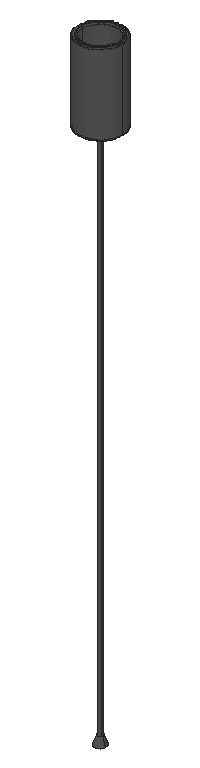
Revit family "CARLO CYLINDER LIGHT Pendant_ Surface", category Lighting Fixtures, host Face, Revit 2020 (continued)
Types (13): name | Wattage_Input | Wattage Comments | Wattage | built-in parameter 1150134 | Size 08 | Size 04 | Photometric Web File | built-in parameter 1150142 | Model | built-in parameter 1150105 | Lumens | built-in parameter 1150107 | built-in parameter 1150106 | Fixture Height | Fixture Diameter | BEAMING ANGLE | Apparent Load
    8856 7.0818 7.2584 7.4461 7.6185 7.7828 7.9432 8.0996 8.2602 \r\n 8.4364 8.5971 8.7773 8.9379 9.1183 9.2942 9.4665 9.6271 9.8074 9.9719 \r\n 10.148 10.317 10.477 10.625 10.765 10.897 11.013 11.129 11.222 11.305 \r\n 11.414 \r\n2254.4 2254.6 2250.9 2242.1 2228.7 2213.4 2198.8 2183.7 2169.7 2151.3 \r\n 2127.2 2099.6 2067.2 2031.7 1992.2 1948.1 1901.8 1854 1804.9 1752.7 \r\n 1698.8 1640.5 1583.1 1524.1 1461.7 1394.9 1325.4 1255.5 1186.1 1120.1 \r\n 1065.8 1016.3 969.93 924.02 878.76 835.5 790.7 742.77 677.36 604.3 \r\n 522.47 438.66 353.19 271.77 193.37 128.32 78.772 52.664 42.075 33.818 \r\n 28.078 24.388 22.002 19.915 18.29 16.889 15.756 14.788 13.75 12.875 \r\n 11.929 11.045 10.254 9.4245 8.7057 8.1508 7.5577 7.2107 6.8102 6.5087 \r\n 6.3154 5.9757 5.7667 5.4193 5.1419 4.8335 4.2982 3.9517 3.4518 3.0261 \r\n 2.7085 2.1649 1.922 1.4757 1.1576 0.95997 0.54901 0.39026 0.16235 0.041109 \r\n 0.012258 0.000096 0 0 0 0 0 0 0 0 \r\n 0 0 0 0 0.0079569 0.031894 0.055888 0.075975 0.11588 0.15201 \r\n 0.20001 0.25211 0.31616 0.38429 0.44451 0.52454 0.60474 0.69662 0.79282 0.88508 \r\n 1.0011 1.1095 1.2336 1.35 1.4901 1.6345 1.7828 1.9391 2.107 2.2793 \r\n 2.4557 2.6361 2.8285 3.0329 3.2374 3.4379 3.6543 3.8708 4.0953 4.3079 \r\n 4.5318 4.7524 4.9808 5.2015 5.414 5.6385 5.867 6.0876 6.3082 6.5168 \r\n 6.7253 6.9253 7.1178 7.3023 7.4788 7.6513 7.8198 7.9842 8.1486 8.309 \r\n 8.4734 8.6418 8.8137 8.9861 9.1625 9.323 9.4874 9.6558 9.8282 10.005 \r\n 10.165 10.337 10.486 10.634 10.766 10.891 11.007 11.112 11.212 11.292 \r\n 11.414 \r\n2254.4 2250.9 2243.7 2232.2 2217.8 2203.8 2190.4 2177.4 2159.8 2135.8 \r\n 2109.3 2077.1 2041.9 2003.1 1959.9 1916.1 1870.2 1821.5 1772 1720.9 \r\n 1666.2 1607.5 1548.6 1486.4 1422 1353.5 1281.6 1211.3 1143.7 1083.5 \r\n 1033.1 984.82 938.93 895.01 850.55 809.96 764.63 716.24 647.91 570.42 \r\n 486.79 403.3 318.14 239.02 166.01 114.53 63.302 46.271 37.738 30.66 \r\n 26.346 23.246 21.224 19.33 17.836 16.597 15.527 14.474 13.517 12.647 \r\n 11.696 10.849 10.036 9.2551 8.7199 8.1244 7.7061 7.4205 7.0375 6.8789 \r\n 6.4972 6.2358 6.0751 5.5358 5.197 4.7344 4.2623 3.9483 3.3513 2.9885 \r\n 2.5096 2.1996 1.9034 1.3592 1.214 0.74985 0.53859 0.34236 0.10277 0.028814 \r\n 0.00030775 0 0 0 0 0 0 0 0 0 \r\n 0 0 0 0.007917 0.027799 0.063649 0.079814 0.12348 0.17145 0.21947 \r\n 0.27936 0.33938 0.40336 0.48322 0.56721 0.64729 0.7392 0.84284 0.94293 1.0548 \r\n 1.1708 1.2908 1.4228 1.5627 1.7067 1.8627 2.0267 2.1907 2.3702 2.5502 \r\n 2.7422 2.9342 3.1342 3.3462 3.5622 3.7744 3.9983 4.2224 4.4505 4.6825 \r\n 4.914 5.15 5.3664 5.6022 5.8265 6.0506 6.2589 6.4788 6.687 6.8991 \r\n 7.0914 7.2908 7.4712 7.6591 7.8274 7.9876 8.1437 8.2958 8.4558 8.6119 \r\n 8.7759 8.94 9.1115 9.2836 9.4477 9.6197 9.7839 9.948 10.116 10.276 \r\n 10.432 10.58 10.717 10.836 10.949 11.045 11.145 11.237 11.325 11.413 \r\n 11.414 \r\n2254.4 2248.7 2240.4 2227 2212.5 2199.7 2187.4 2171.8 2152 2128.6 \r\n 2099.5 2067.8 2031 1991.8 1948.2 1904.1 1858.3 1808 1758.7 1705.6 \r\n 1649.8 1590.7 1529.7 1467.4 1402.2 1331.9 1260.5 1189.2 1122.7 1067.2 \r\n 1016.8 969.77 924.73 880.57 837.89 796.3 750.59 698.49 627.52 546.33 \r\n 461.37 379.95 297.45 221.64 145.97 89.623 57.018 43.893 35.775 29.406 \r\n 25.578 22.891 20.852 19.118 17.667 16.491 15.418 14.359 13.43 12.514 \r\n 11.59 10.789 9.9539 9.2635 8.7837 8.201 7.8414 7.5605 7.1943 7.0677 \r\n 6.6606 6.385 6.1697 5.6195 5.2929 4.7348 4.2796 3.9653 3.3871 3.0768 \r\n 2.5186 2.214 1.8684 1.3834 1.2476 0.72646 0.5345 0.29439 0.063533 0 \r\n 0 0 0 0 0 0 0.000039 0.0040415 0.0080037 0.0080652 \r\n 0.016103 0.028111 0.040119 0.052232 0.076285 0.10438 0.1404 0.17651 0.22065 0.27657 \r\n 0.33661 0.39678 0.4728 0.54495 0.62901 0.71318 0.80928 0.90943 1.0175 1.1257 \r\n 1.2493 1.3537 1.4977 1.6339 1.7821 1.9423 2.1064 2.2746 2.4509 2.639 \r\n 2.8272 3.0234 3.227 3.4352 3.6474 3.8675 4.0799 4.3199 4.5442 4.7763 \r\n 5.0084 5.2286 5.4528 5.6882 5.9084 6.1286 6.3526 6.5648 6.7769 6.9811 \r\n 7.189 7.3771 7.5652 7.7452 7.9169 8.0849 8.2409 8.3852 8.5533 8.7133 \r\n 8.8697 9.0497 9.2218 9.3899 9.554 9.7217 9.8938 10.058 10.21 10.37 \r\n 10.526 10.67 10.806 10.926 11.038 11.138 11.234 11.322 11.398 11.477 \r\n 11.414 \r\n2254.4 2248.4 2236.7 2223.6 2209.5 2197.1 2183.6 2167 2145.2 2119.8 \r\n 2088.3 2055 2016.4 1974.8 1932.1 1886.7 1838.3 1788.6 1738 1682.3 \r\n 1623.9 1562.1 1499.7 1434.4 1367.6 1298.3 1228.5 1157.7 1098.2 1045.9 \r\n 996.62 950.94 905.81 862.38 821.29 776.91 728.25 664.32 586.48 505.36 \r\n 421.39 337.78 257.07 182.59 126.06 69.73 48.753 39.893 32.779 27.071 \r\n 24.409 21.937 20.125 18.518 17.247 16.159 15.096 14.101 13.202 12.248 \r\n 11.393 10.597 9.7433 9.1903 8.6449 8.167 7.9474 7.5248 7.3139 7.0697 \r\n 6.6664 6.4995 5.9675 5.5728 5.1838 4.5929 4.3164 3.699 3.3391 2.9783 \r\n 2.4429 2.2865 1.6342 1.3781 1.0385 0.66596 0.5822 0.19697 0.077497 0.020673 \r\n 0.00022025 0 0 0 0 0 0 0 0 0 \r\n 0 0 0.0039652 0.027806 0.051863 0.083857 0.1198 0.15985 0.21182 0.26395 \r\n 0.324 0.39207 0.46816 0.54434 0.63638 0.72463 0.82078 0.92071 1.0289 1.153 \r\n 1.2654 1.4014 1.5338 1.6859 1.8343 1.9906 2.1628 2.3392 2.5191 2.7114 \r\n 2.9039 3.1042 3.3126 3.5211 3.7376 3.962 4.1826 4.411 4.6396 4.8602 \r\n 5.088 5.3205 5.5333 5.7656 5.9902 6.2068 6.4273 6.6439 6.8524 7.049 \r\n 7.2415 7.4295 7.614 7.7866 7.9669 8.1196 8.2719 8.4322 8.5847 8.7569 \r\n 8.9214 9.0897 9.2656 9.4301 9.5866 9.7469 9.9152 10.064 10.22 10.365 \r\n 10.513 10.657 10.79 10.906 11.014 11.115 11.191 11.263 11.331 11.411 \r\n 11.414 \r\n2254.4 2247.4 2236.4 2222.3 2206.3 2194.1 2181 2163.2 2140.8 2114.6 \r\n 2084.1 2050.2 2012.4 1970.4 1924.7 1877.6 1828.2 1776 1721.6 1663.7 \r\n 1604.7 1543.4 1479.9 1415.4 1349.2 1279.9 1212 1146.6 1089.9 1038.5 \r\n 990.75 946 900.23 856.87 811.84 768.29 710.5 642.98 562.52 475.88 \r\n 393.7 317.1 242.19 167.4 107.52 64.246 46.84 38.48 31.744 26.63 \r\n 24.12 21.668 19.901 18.356 17.11 16.047 14.945 13.979 13.087 12.082 \r\n 11.264 10.434 9.6426 9.1205 8.5296 8.0861 7.8519 7.4207 7.2396 6.9856 \r\n 6.5784 6.3832 5.8915 5.5694 5.1272 4.5807 4.23 3.6465 3.3365 2.8754 \r\n 2.4319 2.184 1.5784 1.4154 0.97519 0.64036 0.51459 0.14746 0.027851 0 \r\n 0 0 0 0 0 0 0.000039 0.0040496 0.0080794 0.01607 \r\n 0.020113 0.028266 0.052297 0.072351 0.092512 0.12478 0.17681 0.21703 0.26921 0.32524 \r\n 0.38549 0.45769 0.52998 0.61421 0.69847 0.78678 0.88311 0.98747 1.0998 1.2162 \r\n 1.3362 1.4647 1.6051 1.7496 1.91 2.0705 2.2351 2.4155 2.5961 2.7887 \r\n 2.9813 3.1819 3.3899 3.6065 3.8231 4.0438 4.2684 4.501 4.7256 4.9503 \r\n 5.1828 5.4035 5.6321 5.8601 6.0886 6.3092 6.5258 6.7423 6.9548 7.1553 \r\n 7.3558 7.5442 7.7246 7.8971 8.069 8.2334 8.3897 8.5383 8.7026 8.8592 \r\n 9.0276 9.1961 9.3643 9.5129 9.6734 9.8413 10.002 10.154 10.314 10.455 \r\n 10.603 10.735 10.864 10.976 11.08 11.176 11.252 11.332 11.397 11.468 \r\n 11.414 \r\n2254.4 2247.8 2236.4 2222.1 2207 2191.8 2178 2161.2 2137.8 2112.3 \r\n 2080.1 2046.3 2007.2 1961.6 1912.9 1861.2 1809.7 1756.4 1698.8 1642.3 \r\n 1582.5 1521 1460.4 1396.4 1331.7 1264.2 1197.4 1138.2 1087.4 1037.6 \r\n 989.93 942.62 896.08 852.79 808.02 758.33 693.78 617.03 536.01 454.14 \r\n 369.58 290.45 215.32 147.21 102.95 58.967 45.145 36.938 30.367 26.155 \r\n 23.546 21.278 19.537 18.035 16.822 15.759 14.693 13.742 12.832 11.871 \r\n 11.052 10.213 9.4114 8.8989 8.299 7.8722 7.6019 7.2028 7.0557 6.7014 \r\n 6.3963 6.2227 5.6949 5.3915 4.9327 4.3571 4.1325 3.532 3.1646 2.7128 \r\n 2.2878 2.0454 1.4918 1.2963 0.8508 0.57615 0.4343 0.14363 0.045167 0.00049497 \r\n 0 0 0 0 0 0 0 0 0 0 \r\n 0 0 0.019812 0.035882 0.071731 0.10383 0.14766 0.19569 0.24773 0.30773 \r\n 0.36783 0.43981 0.5159 0.59995 0.68013 0.77612 0.87624 0.98405 1.1001 1.2242 \r\n 1.3366 1.4725 1.6127 1.7688 1.9211 2.0892 2.2654 2.4417 2.6294 2.8217 \r\n 3.0179 3.2143 3.4264 3.6388 3.863 4.0834 4.3117 4.5401 4.7764 5.0049 \r\n 5.2366 5.4611 5.6934 5.9297 6.1582 6.3787 6.599 6.8194 7.0279 7.2323 \r\n 7.4287 7.6205 7.797 7.9773 8.1417 8.2981 8.4623 8.6186 8.7709 8.943 \r\n 9.1074 9.2716 9.4355 9.5918 9.756 9.9124 10.069 10.225 10.373 10.521 \r\n 10.65 10.774 10.886 10.983 11.079 11.155 11.235 11.303 11.352 11.4 \r\n 11.414 \r\n" | "CCL4-12-20SPSW8-60-PSM-BK" | 2169.2 (stored number, unit not read) | 1900 lm | 5000 (stored number, unit not read) | 21.692 (stored number, unit not read) | 1' - 0" | 0' - 4" | 60.00° | 20 VA
